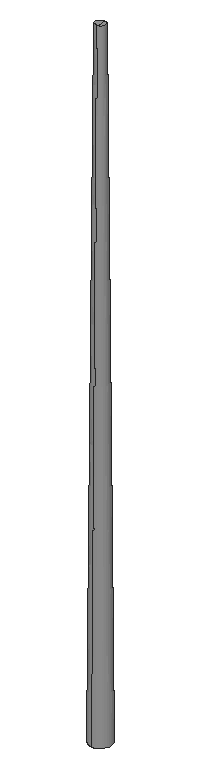
Revit family
Parameters (values of type "70 w")
  Width = 450 mm
  Weight = "8-11 kg"
  Wattage Comments = "70 w (eller 32, 35, 42, 100, 150 w)"
  Wattage = 43.0855 W
  built-in parameter 1150110 = 1 (stored number, unit not read)
  Voltage = 230
  URL = "www.focus-lighting.dk"
  built-in parameter 1114217 = 1 (stored number, unit not read)
  built-in parameter 1150109 = 1 (stored number, unit not read)
  built-in parameter 1150134 = (empty or 0)
  built-in parameter 1150113 = 1 (stored number, unit not read)
  Screen Material = "Klart, hærdet glas, 3 mm "
  Pole radius bottom [instance] = 65 mm
  Pole Height [instance] = 4000 mm
  Model = "Nyx 450 on Pole"
  Manufacturer = "Focus-Lighting"
  Lumens = 6400 lm
  built-in parameter 1150115 = 1 (stored number, unit not read)
  built-in parameter 1150105 = 2037.2 (stored number, unit not read)
  Light Source Symbol Size = 10 mm
  built-in parameter 1150137 = (empty or 0)
  built-in parameter 1150139 = (empty or 0)
  Length = 630 mm
  built-in parameter 1150112 = 1 (stored number, unit not read)
  built-in parameter 1150114 = 1 (stored number, unit not read)
  Lamp Holder = "GX24q-4 4-pin, GX24q-5 4-pin eller E27 "
  Lamp = "Kompaktlysrør, Metalhalogen"
  built-in parameter 1150132 = 2
  built-in parameter 1150102 = (empty or 0)
  built-in parameter 1150138 = (empty or 0)
  built-in parameter 1150107 = 2700 (stored number, unit not read)
  built-in parameter 1150106 = 20.372 (stored number, unit not read)
  IP rating (environmental protection the enclosure provides) = "IP66, kl II"
  Height = 178 mm
  Exterior Use = yes
  Emit from Circle Diameter = 390 mm
  Emit Shape Visible in Rendering = no
  built-in parameter 1150104 = 13.8 (stored number, unit not read)
  Dimming Lamp Color Temperature Shift = (empty or 0)
  Color Filter = 16777215
  Color = "Grafitgrå, silvergrå, sort "
  Casing Material = "Støbt silumin (aluminiumslegering) "
  built-in parameter 1114218 = 1 (stored number, unit not read)
  built-in parameter 1150133 = 10 (stored number, unit not read)
Reference planes
  plane 1 "Light Source Axis (F/B)": y = -344.458
  plane 2: z = 0
  plane 3 "Light Source Axis (L/R)": x = 0
  plane 4 "Light Source Elevation": z = 4017.5
  plane 5: y = 0
  plane 6: z = 4000
  plane 7: y = 65
  plane 8: y = 30
Forms (mm)
  Revolve 1, solid, material "Metal-Nyx"
    sketch origin (0, 646.886, -1450.733) x (0, 1, 0) y (0, 0, 1)
      loop
        line (-646.886, 1450.733) -> (-581.886, 1450.733) -> (-616.886, 5450.733) -> (-646.886, 5450.733) -> (-646.886, 1450.733)
      axis (-646.886, 5450.733) -> (-646.886, 1450.733)
    angle from 0 to 360
Dimensions and locks
  "Pole radius bottom": plane 7 to plane 5
  locked: plane 8 to plane 5 at 30
  "Pole Height": plane 6 to level
  locked: plane 4 "Light Source Elevation" to plane 6 at 17.5
  aligned and locked: plane 3 "Light Source Axis (L/R)" to imposter light
  aligned and locked: imposter light to plane 1 "Light Source Axis (F/B)"
  aligned and locked: plane 4 "Light Source Elevation" to imposter light
  aligned and locked: Revolve 1 sketch curve to plane 5  (x2)
  aligned and locked: plane 2 to Revolve 1 sketch curve
  aligned and locked: import instance to plane 6
Automatic sketch dimensions
  Revolve 1 sketch curve to plane 6 = 0 mm
  Revolve 1 sketch curve to plane 8 = 0 mm
  Revolve 1 sketch curve to plane 7 = 0 mm
  Revolve 1 sketch curve to level = 0 mm
  plane 4 "Light Source Elevation" to Revolve 1 sketch curve = 139.088 mm
